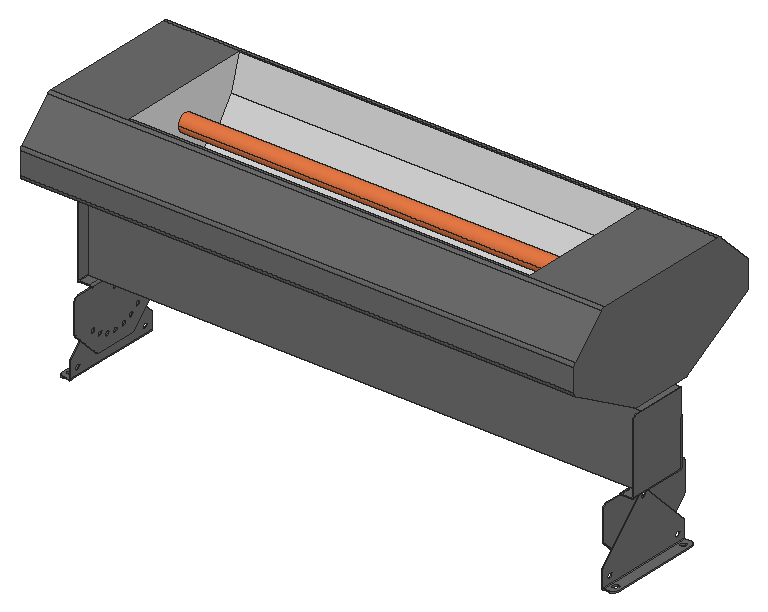
Revit family "Specialty_Equipment-Detroit_Radiant-Electric_Heater-ELX_Series-rev3", category Specialty Equipment, Revit 2023
Family settings
  Round Connector Dimension = Use Diameter
  Part Type = Normal
  OmniClass Number = 23.40.40.14
  OmniClass Title = Food Service Equipment
  Work Plane-Based = Yes
  Enable Cutting in Views = No
  Always vertical = No
  Cut with Voids When Loaded = No
  Maintain Annotation Orientation = No
  Shared = No
  Room Calculation Point = No
Parameters (values of type "ELX - 24" - Triple")
  URL = "https://www.reverberray.com/"
  Model = if(CD_24X1, "ELX-24X1", if(CD_33X1, "ELX-33X1", if(CD_33X2, "ELX-33X2", if(CD_33X3, "ELX-33X3", if(CD_46X1, "ELX-46X1", if(CD_46X2, "ELX-46X2", if(CD_46X3, "ELX-46X3", "0")))))))  # "0"
  Manufacturer = "Detroit Radiant"  # constant formula
  CD_W Clear = if(CD_24X1, 49.000", if(CD_24X2, 56.000", if(CD_24X3, 73.000", if(CD_33X1, 58.000", if(CD_33X2, 85.000", if(CD_33X3, 102.000", if(CD_46X1, 71.000", if(CD_46X2, 99.000", if(CD_46X3, 115.000", 0.000")))))))))  # 73.000"
  CD_Tilt Angle Input [instance] = 0.00°
  CD_Tilt Angle [instance] = if(CD_Tilt Angle Input > 45.00°, 45.00°, CD_Tilt Angle Input)  # 0.00°
  CD_Product Name = "ELX-Series heaters"  # constant formula
  CD_Product Documentation Link = "https://www.reverberray.com/wp-content/uploads/2021/09/LBELX_ELX-Series-Brochure.pdf"
  CD_Prodcut Page URL = "https://www.reverberray.com/products/commercial-industrial/patio-heaters/elx-series/"
  CD_Mounting Width = if(CD_24X1, 23.500", if(CD_24X2, 23.500", if(CD_24X3, 23.500", if(CD_33X1, 32.500", if(CD_33X2, 32.500", if(CD_33X3, 32.500", if(CD_46X1, 45.500", if(CD_46X2, 45.500", if(CD_46X3, 45.500", 0.000")))))))))  # 23.500"
  Voltage = 0 V
  Type Comments = ""
  Power Consumption = 0 VA
  Description = "Infrared Electric Heaters"  # constant formula
  Default Elevation = 0.000"  # constant formula
  CD_Material_Clearance Zone = Clearance-Detroit_Radiant-Shaded
  CD_Heater Type = Specialty_Equipment-Detroit_Radiant-Unit_Nested_Heater-ELX_Series : ELX-24X1
  CD_H Clear Top [instance] = if(CD_Tilt Angle = 0.00°, 6.000", 10.000")  # 6.000"
  CD_H Clear [instance] = if(and(CD_24X1, CD_Tilt Angle = 0.00°), 67.000", if(and(CD_24X1, CD_Tilt Angle > 0.00°), 58.000", if(and(CD_24X2, CD_Tilt Angle = 0.00°), 97.000", if(and(CD_24X2, CD_Tilt Angle > 0.00°), 108.000", if(and(CD_24X3, CD_Tilt Angle = 0.00°), 119.000", if(and(CD_24X3, CD_Tilt Angle > 0.00°), 131.000", if(and(CD_33X1, CD_Tilt Angle = 0.00°), 67.000", if(and(CD_33X1, CD_Tilt Angle > 0.00°), 58.000", if(and(CD_33X2, CD_Tilt Angle = 0.00°), 97.000", if(and(CD_33X2, CD_Tilt Angle > 0.00°), 108.000", if(and(CD_33X3, CD_Tilt Angle = 0.00°), 119.000", if(and(CD_33X3, CD_Tilt Angle > 0.00°), 131.000", if(and(CD_46X1, CD_Tilt Angle = 0.00°), 67.000", if(and(CD_46X1, CD_Tilt Angle > 0.00°), 58.000", if(and(CD_46X2, CD_Tilt Angle = 0.00°), 97.000", if(and(CD_46X2, CD_Tilt Angle > 0.00°), 108.000", if(and(CD_46X3, CD_Tilt Angle = 0.00°), 119.000", if(and(CD_46X3, CD_Tilt Angle > 0.00°), 131.000", 0.000"))))))))))))))))))  # 119.000"
  CD_D Clear Back [instance] = if(and(CD_24X1, CD_Tilt Angle = 0.00°), 16.000", if(and(CD_24X2, CD_Tilt Angle = 0.00°), 28.000", if(and(CD_24X3, CD_Tilt Angle = 0.00°), 31.000", if(and(CD_33X1, CD_Tilt Angle = 0.00°), 16.000", if(and(CD_33X2, CD_Tilt Angle = 0.00°), 28.000", if(and(CD_33X3, CD_Tilt Angle = 0.00°), 31.000", if(and(CD_46X1, CD_Tilt Angle = 0.00°), 16.000", if(and(CD_46X2, CD_Tilt Angle = 0.00°), 28.000", if(and(CD_46X3, CD_Tilt Angle = 0.00°), 31.000", if(CD_Tilt Angle > 0.00°, 10.000", 0.000"))))))))))  # 31.000"
  CD_D Clear [instance] = if(and(CD_24X1, CD_Tilt Angle = 0.00°), 59.000", if(and(CD_24X1, CD_Tilt Angle > 0.00°), 59.000", if(and(CD_24X2, CD_Tilt Angle = 0.00°), 71.000", if(and(CD_24X2, CD_Tilt Angle > 0.00°), 102.000", if(and(CD_24X3, CD_Tilt Angle = 0.00°), 83.000", if(and(CD_24X3, CD_Tilt Angle > 0.00°), 125.000", if(and(CD_33X1, CD_Tilt Angle = 0.00°), 42.000", if(and(CD_33X1, CD_Tilt Angle > 0.00°), 59.000", if(and(CD_33X2, CD_Tilt Angle = 0.00°), 71.000", if(and(CD_33X2, CD_Tilt Angle > 0.00°), 102.000", if(and(CD_33X3, CD_Tilt Angle = 0.00°), 83.000", if(and(CD_33X3, CD_Tilt Angle > 0.00°), 125.000", if(and(CD_46X1, CD_Tilt Angle = 0.00°), 42.000", if(and(CD_46X1, CD_Tilt Angle > 0.00°), 59.000", if(and(CD_46X2, CD_Tilt Angle = 0.00°), 71.000", if(and(CD_46X2, CD_Tilt Angle > 0.00°), 102.000", if(and(CD_46X3, CD_Tilt Angle = 0.00°), 83.000", if(and(CD_46X3, CD_Tilt Angle > 0.00°), 125.000", 0.000"))))))))))))))))))  # 83.000"
  CD_Clearance Zone [instance] = no
  CD_46X3 = no
  CD_46X2 = no
  CD_33X3 = no
  CD_33X2 = no
  CD_46X1 = no
  CD_33X1 = no
  CD_24X3 = yes
  CD_24X2 = no
  CD_24X1 = no
  Assembly Code = ""
  CD_Material_Finish = Metal-Steel-Detroit_Radiant-Coated_Aluminized_Steel
  Amperage = 0 A
Types (9): name | Model | CD_W Clear | CD_Mounting Width | CD_Heater Type | CD_H Clear | CD_D Clear Back | CD_D Clear | CD_46X3 | CD_46X2 | CD_33X3 | CD_33X2 | CD_46X1 | CD_33X1 | CD_24X3 | CD_24X2 | CD_24X1
  ELX - 24" - Single | "ELX-24X1" | 49.000" | 23.500" | Specialty_Equipment-Detroit_Radiant-Unit_Nested_Heater-ELX_Series : ELX-24X1 | 67.000" | 16.000" | 59.000" | no | no | no | no | no | no | yes | yes | yes
  ELX - 33" - Single | "ELX-33X1" | 58.000" | 32.500" | Specialty_Equipment-Detroit_Radiant-Unit_Nested_Heater-ELX_Series : ELX-33X1 | 67.000" | 16.000" | 42.000" | no | no | no | no | no | yes | no | no | no
  ELX - 33" - Double | "ELX-33X2" | 85.000" | 32.500" | Specialty_Equipment-Detroit_Radiant-Unit_Nested_Heater-ELX_Series : ELX-33X2 | 97.000" | 28.000" | 71.000" | no | no | no | yes | no | no | no | no | no
  ELX - 33" - Triple | "ELX-33X3" | 102.000" | 32.500" | Specialty_Equipment-Detroit_Radiant-Unit_Nested_Heater-ELX_Series : ELX-33X3 | 119.000" | 31.000" | 83.000" | no | no | yes | no | no | no | no | no | no
  ELX - 46" - Single | "ELX-46X1" | 71.000" | 45.500" | Specialty_Equipment-Detroit_Radiant-Unit_Nested_Heater-ELX_Series : ELX-46X1 | 67.000" | 16.000" | 42.000" | no | no | no | no | yes | no | no | no | no
  ELX - 46" - Double | "ELX-46X2" | 99.000" | 45.500" | Specialty_Equipment-Detroit_Radiant-Unit_Nested_Heater-ELX_Series : ELX-46X2 | 97.000" | 28.000" | 71.000" | no | yes | no | no | no | no | no | no | no
  ELX - 46" - Triple | "ELX-46X3" | 115.000" | 45.500" | Specialty_Equipment-Detroit_Radiant-Unit_Nested_Heater-ELX_Series : ELX-46X3 | 119.000" | 31.000" | 83.000" | yes | no | no | no | no | no | no | no | no
  ELX - 24" - Double | "0" | 56.000" | 23.500" | Specialty_Equipment-Detroit_Radiant-Unit_Nested_Heater-ELX_Series : ELX-24X1 | 97.000" | 28.000" | 71.000" | no | no | no | no | no | no | no | yes | no
  ELX - 24" - Triple | "0" | 73.000" | 23.500" | Specialty_Equipment-Detroit_Radiant-Unit_Nested_Heater-ELX_Series : ELX-24X1 | 119.000" | 31.000" | 83.000" | no | no | no | no | no | no | yes | no | no
Reference planes (in)
  plane 1 "Center (Front/Back)": y = 6.8788582
  plane 2: z = 0
  plane 3 "Center (Left/Right)": x = 0
  plane 4 "Left": x = -11.75
  plane 5 "Right": x = 11.75
  plane 6 "Center (Elevation)": z = 2.755
  plane 7 "clear top": y = 37.8788582
  plane 8 "clear bottom": y = -45.1211418
  plane 9 "clear l": x = -36.5
  plane 10 "clear r": x = 36.5
  plane 11 "clear f": z = 119.557
  plane 12 "clear b": z = 0.557
  plane 13 "clear CL": z = 6.557
Forms (in)
  Extrusion 1, solid, material "Clearance-Detroit_Radiant-Shaded" <- "CD_Material_Clearance Zone", visible <- "CD_Clearance Zone"
    sketch origin (0, 0, 0) x (1, 0, 0) y (0, 1, 0)
      loop
        line (-36.5, 37.8788582) -> (-36.5, -45.1211418) -> (36.5, -45.1211418) -> (36.5, 37.8788582) -> (-36.5, 37.8788582)
    from 0.557 to 119.557
Lines and regions (in)
  reference lines
    curve 1: line (0, 6.8788582, 2.755) -> (0, 6.8788582, 14.5910785)
Text (in)
  text "PLACEMENT SIDE" at (-0.116054, -71.7428789, 0), in view "Ref. Level"
Dimensions and locks (in)
  equal spacing: plane 4 "Left", plane 3 "Center (Left/Right)", plane 5 "Right"
  "CD_Mounting Width": plane 4 "Left" to plane 5 "Right"
  locked: plane 6 "Center (Elevation)" to level at 2.755
  "CD_W Clear": plane 9 "clear l" to plane 10 "clear r"
  equal spacing: plane 9 "clear l", plane 3 "Center (Left/Right)", plane 10 "clear r"
  "CD_D Clear": plane 7 "clear top" to plane 8 "clear bottom"
  "CD_D Clear Back": plane 1 "Center (Front/Back)" to plane 7 "clear top"
  "CD_H Clear": plane 11 "clear f" to plane 12 "clear b"
  "CD_H Clear Top": plane 13 "clear CL" to plane 12 "clear b"
  locked: plane 13 "clear CL" to level at 6.557
  "CD_Tilt Angle": angle curve 1 to plane 1 "Center (Front/Back)"
  aligned and locked: plane 2 to level
  aligned and locked: nested 1 to plane 4 "Left"
  aligned and locked: nested 2 to plane 5 "Right"
  aligned and locked: nested 1 to plane 1 "Center (Front/Back)"
  aligned and locked: plane 1 "Center (Front/Back)" to nested 2
  aligned and locked: nested 1 to level
  aligned and locked: level to nested 2
  aligned and locked: plane 1 "Center (Front/Back)" to curve 1
  aligned and locked: plane 6 "Center (Elevation)" to curve 1
  aligned and locked: curve 1 to nested 3
  aligned and locked: plane 3 "Center (Left/Right)" to nested 3
  aligned and locked: plane 7 "clear top" to Extrusion 1
  aligned and locked: Extrusion 1 to plane 8 "clear bottom"
  aligned and locked: Extrusion 1 to plane 9 "clear l"
  aligned and locked: Extrusion 1 to plane 10 "clear r"
  aligned and locked: Extrusion 1 to plane 12 "clear b"
  aligned and locked: plane 11 "clear f" to Extrusion 1
Automatic sketch dimensions
  Extrusion 1 sketch curve to plane 4 "Left" = 24.750"
  plane 5 "Right" to Extrusion 1 sketch curve = 24.750"
  Extrusion 1 sketch curve to plane 8 "clear bottom" = 0.000"
  plane 7 "clear top" to Extrusion 1 sketch curve = 0.000"
Nested families (in)
  nested 1: "Specialty_Equipment-Detroit_Radiant-Wall Mounting Bracket" at (-11.75, 6.8788582, 0) x (0, 1, 0) z (0, 0, -1), Material <- "CD_Material_Finish", type "Specialty_Equipment-Detroit_Radiant-Wall Mounting Bracket", detail levels medium+fine
    with Material Metal-Steel-Detroit_Radiant-Coated_Aluminized_Steel
  nested 2: "Specialty_Equipment-Detroit_Radiant-Wall Mounting Bracket" at (11.75, 6.8788582, 0) x (0, 1, 0) z (0, 0, -1), Material <- "CD_Material_Finish", type "Specialty_Equipment-Detroit_Radiant-Wall Mounting Bracket", detail levels medium+fine
    with Material Metal-Steel-Detroit_Radiant-Coated_Aluminized_Steel
  nested 3: "Specialty_Equipment-Detroit_Radiant-Unit_Nested_Heater-ELX_Series" at (0, 7.2858582, 1.01), CD_Finish <- "CD_Material_Finish", type <- "CD_Heater Type", type "ELX-24X1"
    with Width 9.625", Length 24.500", Center of Mounts 23.500", CD_Finish Metal-Steel-Detroit_Radiant-Coated_Aluminized_Steel
Connectors (in)
  electrical at (0, 7.2803582, 3.319), driven by "Voltage", driven by "Power Consumption"
    settings: on nested 3, index 1, voltage 0 V, apparent load 0 VA, apparent load phase1 0 VA, apparent load phase2 0 VA, apparent load phase3 0 VA, power factor 1, load classification "Appliance", number of poles 1, system type 30, power factor state 1, is connector primary yes, connector utility no, sub classification motor no, connector description ""
Definition of nested family "Specialty_Equipment-Detroit_Radiant-Wall Mounting Bracket"
  Parameters (values of type "Specialty_Equipment-Detroit_Radiant-Wall Mounting Bracket")
    W = 4.500"  # constant formula
    URL = "https://www.reverberray.com/"
    TH = 0.037"  # constant formula
    Product Name = "Wall Mounting Bracket"  # constant formula
    Material [instance] = none
    Manufacturer = "Detroit Radiant"  # constant formula
    H = 3.000"  # constant formula
    Default Elevation = 48.000"
    D = 0.561"  # constant formula
  Reference planes (in)
    plane 1 "Center (Front/Back)": y = 0
    plane 2: z = 0
    plane 3 "Center (Left/Right)": x = 0
    plane 4: z = -3
    plane 5 "Left": x = -2.25
    plane 6 "Right": x = 2.25
    plane 7: y = -0.037
    plane 8: y = -0.561
    plane 9: z = -0.037
  Forms (in)
    Extrusion 1, solid, material <- "Material"
      sketch origin (0, 0, 0) x (0, 1, 0) y (0, 0, 1)
        loop
          line (-0.561, 0) -> (-0.561, -0.037) -> (-0.066, -0.037)
          arc (-0.066, -0.037) -> (-0.0454939, -0.0454939) -> (-0.037, -0.066) r 0.029
          line (-0.037, -0.066) -> (-0.037, -3) -> (0, -3) -> (0, -0.066)
          arc (0, -0.066) -> (-0.019331, -0.019331) -> (-0.066, 0) r 0.066
          line (-0.066, 0) -> (-0.561, 0)
      from -2.25 to 2.25
    Extrusion 2, void
      sketch origin (0, 0, 0) x (1, 0, 0) y (0, 0, 1)
        loop
          line (-2.25, -0.812132) -> (-2.75, -0.812132) -> (-2.75, -3.5) -> (2.75, -3.5) -> (2.75, -0.812132) -> (2.25, -0.812132) -> (0.106066, -2.956066)
          arc (0.106066, -2.956066) -> (0, -3) -> (-0.106066, -2.956066) r 0.15
          line (-0.106066, -2.956066) -> (-2.25, -0.812132)
        loop
          circle (1.875, -0.375) r 0.125
        loop
          circle (-1.875, -0.375) r 0.125
        loop
          circle (0, -2.755) r 0.125
      from 0 to 0.561
    Extrusion 3, void
      sketch origin (0, 0, 0) x (1, 0, 0) y (0, 1, 0)
        loop
          line (-2.25, -0.311) -> (-2.5, -0.311) -> (-2.5, -0.811) -> (-2, -0.811) -> (-2, -0.561)
          arc (-2, -0.561) -> (-2.1767767, -0.4877767) -> (-2.25, -0.311) r 0.25
        loop
          arc (2.25, -0.311) -> (2.1767767, -0.4877767) -> (2, -0.561) r 0.25
          line (2, -0.561) -> (2, -0.811) -> (2.5, -0.811) -> (2.5, -0.311) -> (2.25, -0.311)
        loop
          circle (-1.875, -0.311) r 0.125
        loop
          circle (1.875, -0.311) r 0.125
      from -0.037 to 0
  Cuts and joins
    Extrusion 2, Extrusion 3 cuts Extrusion 1
  Dimensions and locks (in)
    locked: plane 7 to plane 1 "Center (Front/Back)" at 0.0402328
    plane 6 "Right" to plane 5 "Left" = 4.500"
    "D": plane 8 to plane 1 "Center (Front/Back)"
    "TH": plane 7 to plane 1 "Center (Front/Back)"
    "TH": level to plane 9
    locked: Extrusion 1 to Extrusion 2 sketch curve
    locked: plane 5 "Left" to Extrusion 2 sketch curve at 0.5
    locked: plane 6 "Right" to Extrusion 2 sketch curve at 0.5
    locked: plane 4 to Extrusion 2 sketch curve at 0.5
    locked: Extrusion 2 sketch curve to Extrusion 1 (angle 45.00°)
    locked: Extrusion 1 to Extrusion 2 sketch curve (angle 45.00°)
    aligned and locked: plane 2 to level
    aligned and locked: plane 8 to Extrusion 1 sketch curve
    aligned and locked: Extrusion 1 sketch curve to level
    aligned and locked: plane 9 to Extrusion 1 sketch curve
    aligned and locked: plane 1 "Center (Front/Back)" to Extrusion 1 sketch curve
    aligned and locked: plane 7 to Extrusion 1 sketch curve
    aligned and locked: plane 4 to Extrusion 1 sketch curve
    aligned and locked: Extrusion 1 to plane 5 "Left"
    aligned and locked: Extrusion 1 to plane 6 "Right"
    aligned and locked: plane 5 "Left" to Extrusion 2 sketch curve
    aligned and locked: plane 6 "Right" to Extrusion 2 sketch curve
    aligned and locked: Extrusion 2 to plane 1 "Center (Front/Back)"
    aligned and locked: Extrusion 2 to plane 8
    aligned and locked: level to Extrusion 3
    aligned and locked: Extrusion 3 to plane 9
  Automatic sketch dimensions
    Extrusion 1 sketch curve to plane 7 = 0.029"
    Extrusion 1 sketch curve to Extrusion 1 sketch curve = 0.000"
    Extrusion 2 sketch curve to plane 3 "Center (Left/Right)" = 0.000"  (x2)
    Extrusion 2 sketch curve to level = 2.755"
    plane 5 "Left" to Extrusion 2 sketch curve = 0.375"
    plane 4 to Extrusion 2 sketch curve = 0.04393"  (x2)
    Extrusion 2 sketch curve to plane 3 "Center (Left/Right)" = 0.10607"
    plane 6 "Right" to Extrusion 2 sketch curve = 0.375"
    Extrusion 2 sketch curve to plane 9 = 0.338"  (x2)
    Extrusion 3 sketch curve to plane 5 "Left" = 0.000"
    Extrusion 3 sketch curve to plane 8 = 0.000"  (x2)
    Extrusion 3 sketch curve to plane 6 "Right" = 0.000"
    Extrusion 3 sketch curve to plane 5 "Left" = 0.250"
    plane 5 "Left" to Extrusion 3 sketch curve = 0.250"
    Extrusion 3 sketch curve to Extrusion 3 sketch curve = 0.125"  (x2)
    Extrusion 3 sketch curve to Extrusion 3 sketch curve = 0.375"
    Extrusion 3 sketch curve to plane 6 "Right" = 0.250"
    Extrusion 3 sketch curve to Extrusion 3 sketch curve = 0.250"
    Extrusion 3 sketch curve to plane 8 = 0.250"
    Extrusion 3 sketch curve to Extrusion 3 sketch curve = 0.000"  (x2)
    radius of Extrusion 2 sketch curve = 0.125"  (x3)
    radius of Extrusion 3 sketch curve = 0.125"  (x2)
Definition of nested family "Specialty_Equipment-Detroit_Radiant-Unit_Nested_Heater-ELX_Series"
  Parameters (values of type "ELX-24X3")
    Width [instance] = if(N_Elements = 1, 9.625", if(N_Elements = 2, 15.250", if(N_Elements = 3, 21.000", 0.000")))  # 21.000"
    URL = "https://www.reverberray.com/"
    Type Comments = ""
    N_Elements = 3
    N_3 = if(N_Elements = 3, 1 = 1, 1 = 0)  # yes
    N_2 = if(N_Elements = 2, 1 = 1, 1 = 0)  # no
    N_1 = if(N_Elements = 1, 1 = 1, 1 = 0)  # no
    Model = if(CD_24X1, "ELX-24X1", if(CD_33X1, "ELX-33X1", if(CD_33X2, "ELX-33X2", if(CD_33X3, "ELX-33X3", if(CD_46X1, "ELX-46X1", if(CD_46X2, "ELX-46X2", if(CD_46X3, "ELX-46X3", "0")))))))  # "0"
    Manufacturer = "Detroit Radiant"  # constant formula
    Length [instance] = if(CD_24X1, 24.500", if(CD_24X2, 24.500", if(CD_24X3, 24.500", if(CD_33X1, 33.500", if(CD_33X2, 33.500", if(CD_33X3, 33.500", if(CD_46X1, 46.500", if(CD_46X2, 46.500", if(CD_46X3, 46.500", 0.000")))))))))  # 24.500"
    CD_Void Offset 3 = if(N_3, 0.000", 4.750")  # 0.000"
    CD_Void Offset 2 = if(N_2, 0.000", 4.750")  # 4.750"
    CD_Void Offset 1 = if(N_1, 0.000", 4.750")  # 4.750"
    CD_Heater = none
    CD_Reflector = none
    CD_Finish [instance] = none
    Description = "Infrared Electric Heaters"  # constant formula
    Default Elevation = 0.000"  # constant formula
    CD_Product Page URL = "https://www.reverberray.com/products/commercial-industrial/patio-heaters/elx-series/"
    CD_Product Name = "ELX-Series heaters"  # constant formula
    CD_Product Documentation Link = "https://www.reverberray.com/wp-content/uploads/2021/09/LBELX_ELX-Series-Brochure.pdf"
    Center of Mounts [instance] = Length - 1.000"  # 23.500"
    CD_46X3 = no
    CD_46X2 = no
    CD_46X1 = no
    CD_24X3 = yes
    CD_24X2 = no
    Assembly Code = ""
    CD_33X3 = no
    CD_33X2 = no
    CD_33X1 = no
    CD_24X1 = no
  Types (9): name | Width | N_Elements | N_3 | N_2 | N_1 | Model | Length | CD_Void Offset 3 | CD_Void Offset 2 | CD_Void Offset 1 | Center of Mounts | CD_46X3 | CD_46X2 | CD_46X1 | CD_24X3 | CD_24X2 | CD_33X3 | CD_33X2 | CD_33X1 | CD_24X1
    ELX-24X1 | 9.625" | 1 | no | no | yes | "ELX-24X1" | 24.500" | 4.750" | 4.750" | 0.000" | 23.500" | no | no | no | no | no | no | no | no | yes
    ELX-33X1 | 9.625" | 1 | no | no | yes | "ELX-33X1" | 33.500" | 4.750" | 4.750" | 0.000" | 32.500" | no | no | no | no | no | no | no | yes | no
    ELX-46X1 | 9.625" | 1 | no | no | yes | "ELX-46X1" | 46.500" | 4.750" | 4.750" | 0.000" | 45.500" | no | no | yes | no | no | no | no | no | no
    ELX-33X2 | 15.250" | 2 | no | yes | no | "ELX-33X2" | 33.500" | 4.750" | 0.000" | 4.750" | 32.500" | no | no | no | no | no | no | yes | no | no
    ELX-33X3 | 21.000" | 3 | yes | no | no | "ELX-33X3" | 33.500" | 0.000" | 4.750" | 4.750" | 32.500" | no | no | no | no | no | yes | no | no | no
    ELX-46X2 | 15.250" | 2 | no | yes | no | "ELX-46X2" | 46.500" | 4.750" | 0.000" | 4.750" | 45.500" | no | yes | no | no | no | no | no | no | no
    ELX-46X3 | 21.000" | 3 | yes | no | no | "ELX-46X3" | 46.500" | 0.000" | 4.750" | 4.750" | 45.500" | yes | no | no | no | no | no | no | no | no
    ELX-24X2 | 15.250" | 2 | no | yes | no | "0" | 24.500" | 4.750" | 0.000" | 4.750" | 23.500" | no | no | no | no | yes | no | no | no | no
    ELX-24X3 | 21.000" | 3 | yes | no | no | "0" | 24.500" | 0.000" | 4.750" | 4.750" | 23.500" | no | no | no | yes | no | no | no | no | no
  Reference planes (in)
    plane 1 "Center (Front/Back)": y = 0
    plane 2: z = 0
    plane 3 "Center (Left/Right)": x = 0
    plane 4 "Right": x = 12.25
    plane 5 "Left": x = -12.25
    plane 6: y = 10.5
    plane 7: y = -10.5
    plane 8 "Top": z = 10.552
    plane 9: x = 11.75
    plane 10: x = -11.75
    plane 11: z = 5.802
    plane 12: z = 2.309
    plane 13 "CL Bracket": y = -0.282
    plane 14: y = 0.5
    plane 15: y = -0.5
    plane 16: x = -8.84
    plane 17: x = 8.84
    plane 18 "void 1": z = 15.302
    plane 19 "void 2": z = 15.302
    plane 20 "void 3": z = 10.552
  Forms (in)
    Extrusion 1, solid, material <- "CD_Finish"
      sketch origin (-12.25, 0, 0) x (0, 1, 0) y (0, 0, -1)
        loop
          line (8.9997233, -10.4787767) -> (10.4267767, -9.0517233)
          arc (10.4267767, -9.0517233) -> (10.4809699, -8.9706175) -> (10.5, -8.8749466) r 0.25
          line (10.5, -8.8749466) -> (10.5, -7.9051646)
          arc (10.5, -7.9051646) -> (10.466196, -7.7796286) -> (10.3739257, -7.6880415) r 0.25
          line (10.3739257, -7.6880415) -> (7.1271018, -5.8348769)
          arc (7.1271018, -5.8348769) -> (7.0672824, -5.810359) -> (7.0031761, -5.802) r 0.25
          line (7.0031761, -5.802) -> (-7.0031761, -5.802)
          arc (-7.0031761, -5.802) -> (-7.0672824, -5.810359) -> (-7.1271018, -5.8348769) r 0.25
          line (-7.1271018, -5.8348769) -> (-10.3739257, -7.6880415)
          arc (-10.3739257, -7.6880415) -> (-10.466196, -7.7796286) -> (-10.5, -7.9051646) r 0.25
          line (-10.5, -7.9051646) -> (-10.5, -8.8749466)
          arc (-10.5, -8.8749466) -> (-10.4809699, -8.9706175) -> (-10.4267767, -9.0517233) r 0.25
          line (-10.4267767, -9.0517233) -> (-8.9997233, -10.4787767)
          arc (-8.9997233, -10.4787767) -> (-8.9186175, -10.5329699) -> (-8.8229466, -10.552) r 0.25
          line (-8.8229466, -10.552) -> (8.8229466, -10.552)
          arc (8.8229466, -10.552) -> (8.9186175, -10.5329699) -> (8.9997233, -10.4787767) r 0.25
      from -24.5 to 0
    Extrusion 2, solid, material <- "CD_Finish"
      sketch origin (-12.25, -0.282, 0) x (0, 1, 0) y (0, 0, -1)
        loop
          line (1.339, -5.552) -> (1.339, -2.309) -> (-0.786, -2.309) -> (-0.786, -5.552) -> (1.339, -5.552)
      from -24.5 to 0
    Extrusion 3, solid, material <- "CD_Finish"
      sketch origin (-12.25, 0, 0) x (0, 1, 0) y (0, 0, -1)
        loop
          line (0.75, -5.927) -> (0.75, -5.427) -> (-0.75, -5.427) -> (-0.75, -5.927) -> (0.75, -5.927)
      from -24 to -0.5
    Extrusion 4, void, detail levels medium+fine
      sketch origin (-12.25, 0, 0) x (0, 1, 0) y (0, 0, -1)
        loop
          line (2.5898438, -13.8762187) -> (1.8710938, -12.8527812) -> (0.5570616, -12.1027812) -> (-0.5570616, -12.1027812) -> (-1.8710938, -12.8527812) -> (-2.5898438, -13.8762187) -> (-3, -15.302) -> (3, -15.302) -> (2.5898438, -13.8762187)
      from -21.09 to -3.41
    Extrusion 5, solid, material <- "CD_Heater", visible <- "N_2", detail levels medium+fine
      sketch origin (-12.25, 0, 0) x (0, 1, 0) y (0, 0, -1)
        loop
          circle (2.5, -9.122) r 0.375
        loop
          circle (-2.5, -9.122) r 0.375
      from -21.09 to -3.41
    Extrusion 6, solid, material <- "CD_Heater", visible <- "N_1", detail levels medium+fine
      sketch origin (-12.25, -3, 0) x (0, 1, 0) y (0, 0, -1)
        loop
          circle (3, -9.122) r 0.375
      from -21.09 to -3.41
    Extrusion 7, solid, material <- "CD_Heater", visible <- "N_3", detail levels medium+fine
      sketch origin (-12.25, -1.5, 0) x (0, 1, 0) y (0, 0, -1)
        loop
          circle (1.5, -9.122) r 0.375
        loop
          circle (-3.5, -9.122) r 0.375
        loop
          circle (6.5, -9.122) r 0.375
      from -21.09 to -3.41
    Extrusion 8, void, detail levels medium+fine
      sketch origin (-12.25, 3, 21) x (0, 1, 0) y (0, 0, -1)
        loop
          line (2.0898438, 7.1237813) -> (1.3710938, 8.1472188) -> (0.0570616, 8.8972188) -> (-1.0570616, 8.8972188) -> (-2.3710937, 8.1472188) -> (-2.75, 7.6076892) -> (-3.25, 7.6076892) -> (-3.6289063, 8.1472187) -> (-4.9429384, 8.8972187) -> (-6.0570616, 8.8972187) -> (-7.3710938, 8.1472187) -> (-8.0898438, 7.1237812) -> (-8.5, 5.698) -> (2.5, 5.698) -> (2.0898438, 7.1237813)
      from -21.09 to -3.41
    Extrusion 9, void, detail levels medium+fine
      sketch origin (-12.25, 0, 32) x (0, 1, 0) y (0, 0, -1)
        loop
          line (1.8710938, 23.8972187) -> (0.5570616, 24.6472187) -> (-0.5570616, 24.6472187) -> (-1.8710937, 23.8972188) -> (-2.25, 23.3576892) -> (-2.75, 23.3576892) -> (-3.1289062, 23.8972187) -> (-4.4429384, 24.6472187) -> (-5.5570616, 24.6472187) -> (-6.8710937, 23.8972187) -> (-7.5898437, 22.8737812) -> (-8, 21.448) -> (8, 21.448) -> (7.5898438, 22.8737813) -> (6.8710938, 23.8972188) -> (5.5570616, 24.6472188) -> (4.4429384, 24.6472188) -> (3.1289063, 23.8972188) -> (2.75, 23.3576892) -> (2.25, 23.3576892) -> (1.8710938, 23.8972187)
      from -21.09 to -3.41
  Cuts and joins
    joined: Extrusion 2, Extrusion 3
    Extrusion 4, Extrusion 8, Extrusion 9 cuts Extrusion 1
  Dimensions and locks (in)
    equal spacing: plane 5 "Left", plane 3 "Center (Left/Right)", plane 4 "Right"
    "Length": plane 5 "Left" to plane 4 "Right"
    "Center of Mounts": plane 9 to plane 10
    equal spacing: plane 9, plane 3 "Center (Left/Right)", plane 10
    plane 8 "Top" to level = 10.552"
    plane 8 "Top" to plane 11 to plane 12 = 4.750" locked, 3.493" locked
    locked: plane 11 to Extrusion 2 sketch curve at 0.25
    locked: Extrusion 2 sketch curve to Extrusion 2 sketch curve at 2.125
    plane 1 "Center (Front/Back)" to plane 13 "CL Bracket" = 0.282"
    locked: plane 14 to plane 1 "Center (Front/Back)" at 0.5
    locked: plane 1 "Center (Front/Back)" to plane 15 at 0.5
    locked: plane 5 "Left" to plane 16 at 3.41
    locked: plane 4 "Right" to plane 17 at 3.41
    "Width": plane 6 to plane 7
    equal spacing: plane 6, plane 1 "Center (Front/Back)", plane 7
    locked: plane 6 to Extrusion 1 sketch curve at 1.6770534
    locked: plane 6 to Extrusion 1 sketch curve at 3.4968239
    locked: Extrusion 1 sketch curve to plane 7 at 3.4968239
    locked: Extrusion 1 sketch curve to plane 7 at 1.6770534
    locked: plane 8 "Top" to Extrusion 5 sketch curve at 1.43  (x2)
    locked: plane 8 "Top" to Extrusion 6 sketch curve at 1.43
    locked: plane 8 "Top" to Extrusion 7 sketch curve at 1.43  (x3)
    "CD_Void Offset 1": plane 18 "void 1" to plane 8 "Top"
    "CD_Void Offset 2": plane 19 "void 2" to plane 8 "Top"
    "CD_Void Offset 3": plane 20 "void 3" to plane 8 "Top"
    plane 18 "void 1" to Extrusion 4 sketch curve to Extrusion 4 sketch curve to Extrusion 4 sketch curve = 1.42578" locked, 1.02344" locked, 0.750" locked
    equal spacing: plane 18 "void 1", Extrusion 4 sketch curve, Extrusion 4 sketch curve, Extrusion 4 sketch curve
    locked: plane 19 "void 2" to Extrusion 8 sketch curve at 1.9096892
    plane 19 "void 2" to Extrusion 8 sketch curve to Extrusion 8 sketch curve to Extrusion 8 sketch curve = 1.42578" locked, 1.02344" locked, 0.750" locked  (x2)
    locked: Extrusion 8 sketch curve to Extrusion 8 sketch curve at 0.75  (x2)
    plane 20 "void 3" to Extrusion 9 sketch curve to Extrusion 9 sketch curve to Extrusion 9 sketch curve = 1.42578" locked, 1.02344" locked, 0.750" locked  (x2)
    plane 20 "void 3" to Extrusion 9 sketch curve to Extrusion 9 sketch curve to Extrusion 9 sketch curve = 1.90969" locked, 0.53953" locked, 0.750" locked
    plane 20 "void 3" to Extrusion 9 sketch curve to Extrusion 9 sketch curve = 1.90969" locked, 0.53953" locked
    Extrusion 9 sketch curve to Extrusion 9 sketch curve to Extrusion 9 sketch curve to Extrusion 9 sketch curve to Extrusion 9 sketch curve to Extrusion 9 sketch curve to Extrusion 9 sketch curve to Extrusion 9 sketch curve to Extrusion 9 sketch curve to Extrusion 9 sketch curve to plane 1 "Center (Front/Back)" to Extrusion 9 sketch curve to Extrusion 9 sketch curve to Extrusion 9 sketch curve to Extrusion 9 sketch curve to Extrusion 9 sketch curve to Extrusion 9 sketch curve to Extrusion 9 sketch curve to Extrusion 9 sketch curve to Extrusion 9 sketch curve to Extrusion 9 sketch curve = 0.41016" locked, 0.71875" locked, 1.31403" locked, 1.11412" locked, 1.31403" locked, 0.37891" locked, 0.500" locked, 0.37891" locked, 1.31403" locked, 0.55706" locked, 0.55706" locked, 1.31403" locked, 0.37891" locked, 0.500" locked, 0.37891" locked, 1.31403" locked, 1.11412" locked, 1.31403" locked, 0.71875" locked, 0.41016" locked
    Extrusion 8 sketch curve to Extrusion 8 sketch curve to Extrusion 8 sketch curve to Extrusion 8 sketch curve to Extrusion 8 sketch curve to Extrusion 8 sketch curve to Extrusion 8 sketch curve to plane 1 "Center (Front/Back)" to Extrusion 8 sketch curve to Extrusion 8 sketch curve to Extrusion 8 sketch curve to Extrusion 8 sketch curve to Extrusion 8 sketch curve to Extrusion 8 sketch curve to Extrusion 8 sketch curve = 0.41016" locked, 0.71875" locked, 1.31403" locked, 1.11412" locked, 1.31403" locked, 0.37891" locked, 0.250" locked, 0.250" locked, 0.37891" locked, 1.31403" locked, 1.11412" locked, 1.31403" locked, 0.71875" locked, 0.41016" locked
    Extrusion 4 sketch curve to Extrusion 4 sketch curve to Extrusion 4 sketch curve to Extrusion 4 sketch curve to plane 1 "Center (Front/Back)" to Extrusion 4 sketch curve to Extrusion 4 sketch curve to Extrusion 4 sketch curve to Extrusion 4 sketch curve = 0.41016" locked, 0.71875" locked, 1.31403" locked, 0.55706" locked, 0.55706" locked, 1.31403" locked, 0.71875" locked, 0.41016" locked
    Extrusion 7 sketch curve to plane 1 "Center (Front/Back)" to Extrusion 7 sketch curve = 5.000" locked, 5.000" locked
    Extrusion 5 sketch curve to plane 1 "Center (Front/Back)" to Extrusion 5 sketch curve = 2.500" locked, 2.500" locked
    locked: plane 7 to cut or joined group of Extrusion 1, Extrusion 4, Extrusion 8, Extrusion 9 (angle 45.00°)
    locked: cut or joined group of Extrusion 1, Extrusion 4, Extrusion 8, Extrusion 9 to plane 6 (angle 45.00°)
    locked: cut or joined group of Extrusion 1, Extrusion 4, Extrusion 8, Extrusion 9 to plane 11 (angle 29.7161°)
    locked: plane 11 to cut or joined group of Extrusion 1, Extrusion 4, Extrusion 8, Extrusion 9 (angle 29.7161°)
    aligned and locked: plane 2 to level
    aligned and locked: Extrusion 1 sketch curve to plane 11
    aligned and locked: plane 7 to Extrusion 1 sketch curve
    aligned and locked: plane 6 to Extrusion 1 sketch curve
    aligned and locked: plane 4 "Right" to Extrusion 1
    aligned and locked: plane 5 "Left" to Extrusion 1
    aligned and locked: nested 1 to plane 5 "Left"
    aligned and locked: plane 12 to Extrusion 2 sketch curve
    aligned and locked: plane 5 "Left" to Extrusion 2
    aligned and locked: plane 4 "Right" to Extrusion 2
    aligned and locked: Extrusion 2 to plane 12
    aligned and locked: plane 13 "CL Bracket" to nested 1
    aligned and locked: plane 9 to Extrusion 3
    aligned and locked: Extrusion 3 to plane 10
    aligned and locked: plane 16 to Extrusion 4
    aligned and locked: plane 17 to Extrusion 4
    aligned and locked: Extrusion 5 to cut or joined group of Extrusion 1, Extrusion 4, Extrusion 8, Extrusion 9
    aligned and locked: cut or joined group of Extrusion 1, Extrusion 4, Extrusion 8, Extrusion 9 to Extrusion 5
    aligned and locked: plane 4 "Right" to nested 2
    aligned and locked: nested 2 to plane 13 "CL Bracket"
    aligned and locked: plane 1 "Center (Front/Back)" to Extrusion 6 sketch curve
    aligned and locked: Extrusion 6 to cut or joined group of Extrusion 1, Extrusion 4, Extrusion 8, Extrusion 9
    aligned and locked: cut or joined group of Extrusion 1, Extrusion 4, Extrusion 8, Extrusion 9 to Extrusion 6
    aligned and locked: plane 1 "Center (Front/Back)" to Extrusion 7 sketch curve
    aligned and locked: Extrusion 4 sketch curve to plane 18 "void 1"
    aligned and locked: Extrusion 8 sketch curve to plane 19 "void 2"
    aligned and locked: plane 20 "void 3" to Extrusion 9 sketch curve
    aligned and locked: Extrusion 9 to Extrusion 4
    aligned and locked: Extrusion 4 to Extrusion 8
    aligned and locked: cut or joined group of Extrusion 1, Extrusion 4, Extrusion 8, Extrusion 9 to Extrusion 7  (x2)
    aligned and locked: Extrusion 4 to Extrusion 9
    aligned and locked: plane 16 to Extrusion 9
  Automatic sketch dimensions
    Extrusion 1 sketch curve to plane 8 "Top" = 0.000"
    Extrusion 1 sketch curve to plane 7 = 0.07322"
    Extrusion 1 sketch curve to plane 7 = 0.12607"
    Extrusion 1 sketch curve to Extrusion 1 sketch curve = 0.250"  (x2)
    plane 8 "Top" to Extrusion 1 sketch curve = 0.07322"  (x2)
    Extrusion 1 sketch curve to Extrusion 1 sketch curve = 0.17678"  (x2)
    Extrusion 1 sketch curve to plane 11 = 0.03288"  (x2)
    Extrusion 1 sketch curve to Extrusion 1 sketch curve = 0.12393"  (x2)
    plane 6 to Extrusion 1 sketch curve = 0.250"  (x2)
    plane 6 to Extrusion 1 sketch curve = 0.12607"
    plane 6 to Extrusion 1 sketch curve = 0.07322"
    Extrusion 1 sketch curve to plane 11 = 1.88604"  (x2)
    Extrusion 1 sketch curve to Extrusion 1 sketch curve = 0.96978"  (x2)
    plane 15 to Extrusion 2 sketch curve = 0.568"
    Extrusion 3 sketch curve to plane 11 = 0.125"
    plane 15 to Extrusion 3 sketch curve = 0.250"
    plane 14 to Extrusion 3 sketch curve = 0.250"
    plane 11 to Extrusion 3 sketch curve = 0.375"
    Extrusion 4 sketch curve to Extrusion 4 sketch curve = 0.750"
    Extrusion 4 sketch curve to Extrusion 4 sketch curve = 1.02344"
    Extrusion 9 sketch curve to Extrusion 9 sketch curve = 0.000"  (x2)
    radius of Extrusion 6 sketch curve = 0.375"
    radius of Extrusion 7 sketch curve = 0.375"  (x3)
    radius of Extrusion 5 sketch curve = 0.375"  (x2)
  Nested families (in)
    nested 1: "Specialty_Equipment-Detroit_Radiant-Nested Bracket" at (-11.669, -0.282, 2.317) x (0, 1, 0) z (0, 0, -1), Material <- "CD_Finish", type "Specialty_Equipment-Detroit_Radiant-Nested Bracket", detail levels fine
      with Material none
    nested 2: "Specialty_Equipment-Detroit_Radiant-Nested Bracket" at (11.669, -0.282, 2.317) x (0, 1, 0) z (0, 0, -1), Material <- "CD_Finish", type "Specialty_Equipment-Detroit_Radiant-Nested Bracket", detail levels fine
      with Material none
  Definition of nested family "Specialty_Equipment-Detroit_Radiant-Nested Bracket"
    Parameters (values of type "Specialty_Equipment-Detroit_Radiant-Nested Bracket")
      W = 4.500"  # constant formula
      URL = "https://www.reverberray.com/"
      TH = 0.044"  # constant formula
      Product Name = "Mounting Bracket"  # constant formula
      Material [instance] = none
      Manufacturer = "Detroit Radiant"  # constant formula
      H = 6.047"  # constant formula
      Default Elevation = 48.000"
      D = 0.625"  # constant formula
    Reference planes (in)
      plane 1 "Center (Front/Back)": y = 0
      plane 2: z = 0
      plane 3 "Center (Left/Right)": x = 0
      plane 4: z = -3.23
      plane 5 "Left": x = -2.25
      plane 6 "Right": x = 2.25
      plane 7: y = -0.044
      plane 8: y = -0.625
      plane 9: z = 2.817
      plane 10: z = 0.044
      plane 11: y = -0.581
      plane 12: x = 1.31
      plane 13: x = -1.31
      plane 14: x = 1.383
      plane 15: x = 1.339
      plane 16: y = 0.375
      plane 17: z = -0.029
      plane 18: z = -2.149
    Forms (in)
      Extrusion 1, solid, material <- "Material"
        sketch origin (0, 0, 0) x (1, 0, 0) y (0, 0, 1)
          loop
            line (0.8964466, 2.817) -> (-0.8964466, 2.817)
            arc (-0.8964466, 2.817) -> (-0.9921175, 2.7979699) -> (-1.0732233, 2.7437767) r 0.25
            line (-1.0732233, 2.7437767) -> (-2.1767767, 1.6402233)
            arc (-2.1767767, 1.6402233) -> (-2.2309699, 1.5591175) -> (-2.25, 1.4634466) r 0.25
            line (-2.25, 1.4634466) -> (-2.25, 0.323)
            arc (-2.25, 0.323) -> (-2.1767767, 0.1462233) -> (-2, 0.073) r 0.25
            line (-2, 0.073) -> (2, 0.073)
            arc (2, 0.073) -> (2.1767767, 0.1462233) -> (2.25, 0.323) r 0.25
            line (2.25, 0.323) -> (2.25, 1.4634466)
            arc (2.25, 1.4634466) -> (2.2309699, 1.5591175) -> (2.1767767, 1.6402233) r 0.25
            line (2.1767767, 1.6402233) -> (1.0732233, 2.7437767)
            arc (1.0732233, 2.7437767) -> (0.9921175, 2.7979699) -> (0.8964466, 2.817) r 0.25
        from 0 to 0.044
      Extrusion 2, solid, material <- "Material"
        sketch origin (0, 0, 0) x (0, 1, 0) y (0, 0, 1)
          loop
            line (-0.073, 0.044) -> (-0.559, 0.044)
            arc (-0.559, 0.044) -> (-0.605669, 0.024669) -> (-0.625, -0.022) r 0.066
            line (-0.625, -0.022) -> (-0.625, -3.23) -> (-0.581, -3.23) -> (-0.581, -0.022)
            arc (-0.581, -0.022) -> (-0.5745563, -0.0064437) -> (-0.559, 0) r 0.022
            line (-0.559, 0) -> (-0.073, 0)
            arc (-0.073, 0) -> (-0.0213812, 0.0213812) -> (0, 0.073) r 0.073
            line (0, 0.073) -> (-0.044, 0.073)
            arc (-0.044, 0.073) -> (-0.0524939, 0.0524939) -> (-0.073, 0.044) r 0.029
        from -1.31 to 1.31
      Extrusion 3, solid, material <- "Material"
        sketch origin (0, 0, 0) x (1, 0, 0) y (0, 1, 0)
          loop
            line (1.339, 0.375) -> (1.339, -0.552)
            arc (1.339, -0.552) -> (1.3305061, -0.5725061) -> (1.31, -0.581) r 0.029
            line (1.31, -0.581) -> (1.31, -0.625)
            arc (1.31, -0.625) -> (1.3616188, -0.6036188) -> (1.383, -0.552) r 0.073
            line (1.383, -0.552) -> (1.383, 0.375) -> (1.339, 0.375)
        from -2.149 to -0.029
      Extrusion 4, void
        sketch origin (0, 0, 0) x (0, 1, 0) y (0, 0, 1)
          loop
            arc (0.125, -0.029) -> (0.3017767, -0.1022233) -> (0.375, -0.279) r 0.25
            line (0.375, -0.279) -> (0.375, -1.899)
            arc (0.375, -1.899) -> (0.3017767, -2.0757767) -> (0.125, -2.149) r 0.25
            line (0.125, -2.149) -> (0.125, -2.399) -> (0.625, -2.399) -> (0.625, 0.221) -> (0.125, 0.221) -> (0.125, -0.029)
          loop
            circle (-0.055, -0.529) r 0.0625
          loop
            circle (-0.055, -1.649) r 0.0625
        from 1.339 to 1.383
      Extrusion 5, void
        sketch origin (0, 0, 0) x (1, 0, 0) y (0, 0, 1)
          loop
            line (-1.31, -2.98) -> (-1.56, -2.98) -> (-1.56, -3.48) -> (-1.06, -3.48) -> (-1.06, -3.23)
            arc (-1.06, -3.23) -> (-1.2367767, -3.1567767) -> (-1.31, -2.98) r 0.25
          loop
            circle (0, 2.317) r 0.125
          loop
            circle (0, 0.572) r 0.125
          loop
            circle (-0.4516392, 2.2575406) r 0.125
          loop
            circle (-0.8725, 2.0832143) r 0.125
          loop
            circle (-1.2339013, 1.8059013) r 0.125
          loop
            circle (0.4516392, 2.2575406) r 0.125
          loop
            circle (0.8725, 2.0832143) r 0.125
          loop
            circle (1.2339013, 1.8059013) r 0.125
        from -0.375 to 0.625
    Cuts and joins
      Extrusion 4, Extrusion 5 cuts Extrusion 1
      Extrusion 4, Extrusion 5 cuts Extrusion 2
      Extrusion 4, Extrusion 5 cuts Extrusion 3
      joined: Extrusion 1, Extrusion 2, Extrusion 3
    Dimensions and locks (in)
      "W": plane 6 "Right" to plane 5 "Left"
      "D": plane 8 to plane 1 "Center (Front/Back)"
      "TH": plane 7 to plane 1 "Center (Front/Back)"
      locked: plane 9 to plane 10 at 2.773
      "H": plane 9 to plane 4
      "TH": plane 10 to level
      "TH": plane 8 to plane 11
      locked: plane 13 to plane 12 at 2.62
      equal spacing: plane 13, plane 3 "Center (Left/Right)", plane 12
      locked: plane 12 to plane 14 at 0.073
      "TH": plane 15 to plane 14
      locked: plane 16 to plane 8 at 1
      plane 18 to plane 17 to plane 10 = 2.120" locked, 0.073" locked
      aligned and locked: plane 2 to level
      aligned and locked: Extrusion 1 to plane 1 "Center (Front/Back)"
      aligned and locked: Extrusion 1 to plane 7
      aligned and locked: Extrusion 2 sketch curve to plane 10
      aligned and locked: plane 1 "Center (Front/Back)" to Extrusion 2 sketch curve
      aligned and locked: plane 7 to Extrusion 2 sketch curve
      aligned and locked: Extrusion 2 sketch curve to level
      aligned and locked: Extrusion 2 sketch curve to plane 8
      aligned and locked: plane 11 to Extrusion 2 sketch curve
      aligned and locked: Extrusion 2 sketch curve to plane 4
      aligned and locked: Extrusion 2 to plane 12
      aligned and locked: plane 13 to Extrusion 2
      aligned and locked: plane 15 to Extrusion 3
      aligned and locked: Extrusion 3 to plane 14
      aligned and locked: plane 16 to Extrusion 3
      aligned and locked: plane 12 to Extrusion 3 sketch curve
      aligned and locked: plane 11 to Extrusion 3 sketch curve
      aligned and locked: plane 8 to Extrusion 3 sketch curve
      aligned and locked: Extrusion 3 to plane 17
      aligned and locked: plane 18 to Extrusion 3
      aligned and locked: Extrusion 4 to Extrusion 3  (x2)
      aligned and locked: Extrusion 5 to Extrusion 3
      aligned and locked: Extrusion 5 to plane 8
    Automatic sketch dimensions
      Extrusion 1 sketch curve to plane 5 "Left" = 0.000"
      Extrusion 1 sketch curve to plane 9 = 0.000"
      plane 6 "Right" to Extrusion 1 sketch curve = 0.000"
      plane 5 "Left" to Extrusion 1 sketch curve = 0.07322"
      Extrusion 1 sketch curve to plane 10 = 0.029"
      plane 5 "Left" to Extrusion 1 sketch curve = 0.250"  (x2)
      Extrusion 1 sketch curve to plane 9 = 0.07322"  (x2)
      Extrusion 1 sketch curve to plane 3 "Center (Left/Right)" = 1.07322"
      Extrusion 1 sketch curve to plane 9 = 0.250"
      plane 3 "Center (Left/Right)" to Extrusion 1 sketch curve = 0.89645"
      Extrusion 1 sketch curve to Extrusion 1 sketch curve = 0.17678"
      plane 6 "Right" to Extrusion 1 sketch curve = 0.250"  (x2)
      plane 6 "Right" to Extrusion 1 sketch curve = 0.07322"
      Extrusion 1 sketch curve to Extrusion 1 sketch curve = 1.14045"  (x2)
      Extrusion 2 sketch curve to level = 0.022"
      Extrusion 2 sketch curve to Extrusion 2 sketch curve = 0.029"
      Extrusion 2 sketch curve to Extrusion 2 sketch curve = 0.000"
      Extrusion 3 sketch curve to plane 14 = 0.000"
      Extrusion 3 sketch curve to plane 16 = 0.000"
      Extrusion 3 sketch curve to Extrusion 3 sketch curve = 0.000"
      plane 18 to Extrusion 4 sketch curve = 0.000"
      plane 17 to Extrusion 4 sketch curve = 0.000"
      Extrusion 4 sketch curve to plane 16 = 0.000"
      Extrusion 4 sketch curve to plane 1 "Center (Front/Back)" = 0.125"  (x2)
      Extrusion 4 sketch curve to plane 7 = 0.011"  (x2)
      Extrusion 4 sketch curve to Extrusion 4 sketch curve = 0.250"  (x3)
      Extrusion 4 sketch curve to plane 10 = 0.177"
      plane 16 to Extrusion 4 sketch curve = 0.250"
      plane 13 to Extrusion 5 sketch curve = 0.000"
      Extrusion 5 sketch curve to plane 4 = 0.000"
      Extrusion 5 sketch curve to plane 3 "Center (Left/Right)" = 0.000"  (x2)
      plane 13 to Extrusion 5 sketch curve = 0.250"
      Extrusion 5 sketch curve to plane 13 = 0.0761"
      Extrusion 5 sketch curve to plane 13 = 0.250"
      Extrusion 5 sketch curve to plane 13 = 0.4375"
      Extrusion 5 sketch curve to plane 3 "Center (Left/Right)" = 0.45164"
      plane 3 "Center (Left/Right)" to Extrusion 5 sketch curve = 0.45164"
      plane 12 to Extrusion 5 sketch curve = 0.4375"
      plane 12 to Extrusion 5 sketch curve = 0.0761"
      Extrusion 5 sketch curve to plane 4 = 0.250"
      Extrusion 5 sketch curve to plane 10 = 0.528"
      Extrusion 5 sketch curve to plane 9 = 1.0111"  (x2)
      Extrusion 5 sketch curve to Extrusion 5 sketch curve = 0.27731"  (x2)
      Extrusion 5 sketch curve to Extrusion 5 sketch curve = 0.17433"  (x2)
      Extrusion 5 sketch curve to Extrusion 5 sketch curve = 0.05946"
      radius of Extrusion 4 sketch curve = 0.0625"  (x2)
      radius of Extrusion 5 sketch curve = 0.125"  (x8)
